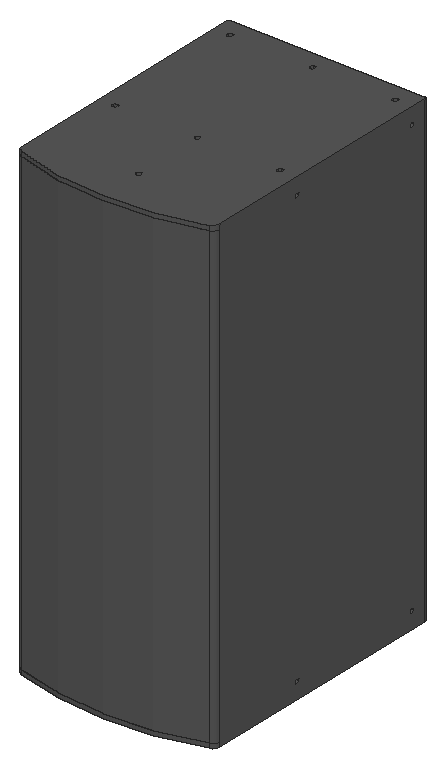
Revit family "1Electronics_Community_Biamp_Subwoofer_IS6-215WR", category Communication Devices, host Face, Revit 2020
Family settings
  Host = Face
  Maintain Annotation Orientation = No
  Round Connector Dimension = Use Diameter
  Part Type = Normal
  OmniClass Number = 23.85.10.11.14.14.14
  OmniClass Title = Loudspeakers
  Cut with Voids When Loaded = No
  Shared = No
  Room Calculation Point = No
Parameters (values of type "IS6-215WR B")
  Width = 16.50"  # constant formula
  Weight = 126.00 lbf  # constant formula
  URL = "https://www.biamp.com/"
  Transducers = "2 x 15 (381mm) double-treated cones with 4 (102mm) inner/outer wound voice coil, ferrite construction"  # constant formula
  Shipping Weight = 147.00 lbf  # constant formula
  Recommended Amplifiers = "Single Amp - 1400W - 2800W @ 4 ohms,  (75V - 106V); Dual Amp - 700W - 1400W @ 8 ohms,  (75V - 106V) (each driver)"  # constant formula
  Product data url = "https://bimobject.com/biamp/product/is6-215wr_community-subwoofer"
  Product Page URL = "https://www.biamp.com/products/product-families/community/community-subwoofers#is6-215wr"
  Product Documentation Link = "https://www.biamp.com/products/product-families/community/community-subwoofers#is6-215wr"
  Operating Range = "37 Hz to 145 Hz  "  # constant formula
  Operating Mode = "Single or Dual Amp"  # constant formula
  Operating Environment = "Weather-Resistant Outdoor "  # constant formula
  Nominal Sensitivity = "Half Space - 1W: 105 dB - 2.83V: 108 dB; Whole Space - 1W: 99 dB - 2.83V: 102 dB"  # constant formula
  Nominal Maximum SPL = "Half Space - Peak: 142 dB - Continuous: 136 dB; Whole Space - Peak: 136 dB - Continuous: 130 dB"  # constant formula
  Mounting Points = "(23) M10 threaded rigging points"  # constant formula
  Model = "IS6-215WR B"
  Manufacturer = "Biamp"  # constant formula
  Input Connection = "Screw terminal blocks (4-position)"  # constant formula
  Housing Material = Biamp - Plastic - Black
  Height = 39.00"  # constant formula
  Grill Material = Biamp - Plastic - Black(Grid)
  Equalized Sensitivity = "Half Space - 1W: 102 dB - 2.83V: 105 dB; Whole Space - 1W: 96 dB - 2.83V: 99 dB"  # constant formula
  Equalized Maximum SPL = "Half Space - Peak: 139 dB - Continuous: 133 dB; Whole Space - Peak: 133 dB - Continuous: 127 dB"  # constant formula
  Environmental = "Outdoor: IP55W per IEC 60529, MIL-STD-810G"  # constant formula
  Description = "IS6-215WR Medium Power Dual 15-Inch Weather-Resistant Subwoofer"  # constant formula
  Depth = 23.35"  # constant formula
  Default Elevation = 48.00"
  Continuous Power Handling  Nominal Impedance = "Single Amp - 75V, 1400W @ 4 ohms (5600W peak); Dual Amp - 75V, 700W @ 8 ohms (2800W peak) (each); "  # constant formula
Types (4): name | Model | Housing Material | Grill Material
  (no name) | "IS6-215WR B" | Biamp - Plastic - Black | Biamp - Plastic - Black(Grid)
  IS6-215WR B | "IS6-215WR B" | Biamp - Plastic - Black | Biamp - Plastic - Black(Grid)
  IS6-215WR W | "IS6-215WR W" | Biamp - Plastic - White | Biamp - Plastic - White(Grid)
  IS6-215WR G | "IS6-215WR G" | Biamp - Plastic - Gray | Biamp - Plastic - Gray(Grid)
Reference planes (in)
  plane 1 "Center (Front/Back)": y = 0
  plane 2: z = 0
  plane 3 "Center (Left/Right)": x = 0
  plane 4: y = 11.675
  plane 5: y = -11.675
  plane 6: x = -8.25
  plane 7: x = 8.25
  plane 8: z = 39
  plane 9: z = 19.5
  plane 10: x = -7.875
  plane 11: y = 11.3
  plane 12: y = 11.4875
  plane 13: z = 38.625
  plane 14: z = 0.375
  plane 15: x = 7.875
  plane 16: y = -9.875
Forms (in)
  Extrusion 1, void
    sketch origin (0, 0, 0) x (1, 0, 0) y (0, 1, 0)
      loop
        circle (0, 10.115) r 0.21654
      loop
        circle (-6.87, 10.115) r 0.21654
      loop
        circle (6.87, 10.115) r 0.21654
      loop
        circle (0, -1.855) r 0.21654
      loop
        circle (-6.87, -1.855) r 0.21654
      loop
        circle (6.87, -1.855) r 0.21654
      loop
        circle (0, -7.975) r 0.21654
    from 38.625 to 39
  Extrusion 2, void
    sketch origin (0, 0, 0) x (0, 1, 0) y (0, 0, 1)
      loop
        circle (10.115, 1.38) r 0.21654
      loop
        circle (10.115, 37.63) r 0.21654
      loop
        circle (-1.855, 1.38) r 0.21654
      loop
        circle (-1.855, 37.63) r 0.21654
    from 7.875 to 8.25
  Extrusion 3, void
    sketch origin (0, 0, 0) x (1, 0, 0) y (0, 0, 1)
      loop
        circle (0, 37.62) r 0.21654
      loop
        circle (0, 1.38) r 0.21654
      loop
        line (2.005, 13.38) -> (-2.005, 13.38)
        arc (-2.005, 13.38) -> (-2.09339, 13.34339) -> (-2.13, 13.255) r 0.125
        line (-2.13, 13.255) -> (-2.13, 6.445)
        arc (-2.13, 6.445) -> (-2.09339, 6.35661) -> (-2.005, 6.32) r 0.125
        line (-2.005, 6.32) -> (2.005, 6.32)
        arc (2.005, 6.32) -> (2.09339, 6.35661) -> (2.13, 6.445) r 0.125
        line (2.13, 6.445) -> (2.13, 13.255)
        arc (2.13, 13.255) -> (2.09339, 13.34339) -> (2.005, 13.38) r 0.125
    from -11.675 to -11.3
  Extrusion 4, solid, material "Biamp - Plastic - Black" <- "Housing Material", detail levels medium+fine
    sketch origin (0, 0, -2.8) x (1, 0, 0) y (0, 0, 1)
      loop
        line (-0.5, 15.18) -> (-0.5, 14.93) -> (0.5, 14.93) -> (0.5, 15.18) -> (-0.5, 15.18)
      loop
        line (-0.5, 14.18) -> (-0.5, 13.93) -> (0.5, 13.93) -> (0.5, 14.18) -> (-0.5, 14.18)
    from -11.4875 to -11.3
  Extrusion 5, void
    sketch origin (0, 0, -19.42578) x (0, -1, 0) y (1, 0, 0)
      loop
        circle (-10.115, -6.87) r 0.21654
      loop
        circle (-10.115, 0) r 0.21654
      loop
        circle (-10.115, 6.87) r 0.21654
      loop
        circle (1.855, -6.87) r 0.21654
      loop
        circle (1.855, 0) r 0.21654
      loop
        circle (1.855, 6.87) r 0.21654
      loop
        circle (7.975, 0) r 0.21654
    from 19.42578 to 19.80078
  Extrusion 6, solid, material "Biamp - Plastic - Black" <- "Housing Material", detail levels medium+fine
    sketch origin (0, 0, 0) x (1, 0, 0) y (0, 1, 0)
      loop
        arc (7.81389, -10.39566) -> (8.10524, -10.19672) -> (8.25, -9.875) r 0.65086
        line (8.25, -9.875) -> (8.25, 11.46673)
        arc (8.25, 11.46673) -> (8.189, 11.614) -> (8.04173, 11.675) r 0.20827
        line (8.04173, 11.675) -> (-8.09375, 11.675)
        arc (-8.09375, 11.675) -> (-8.20424, 11.62924) -> (-8.25, 11.51875) r 0.15625
        line (-8.25, 11.51875) -> (-8.25, -9.875)
        arc (-8.25, -9.875) -> (-8.10524, -10.19672) -> (-7.81389, -10.39566) r 0.65086
        arc (-7.81389, -10.39566) -> (0, -11.67523) -> (7.81389, -10.39566) r 24.49797
    from 0 to 39
  Extrusion 7, solid, material "Biamp - Plastic - Black" <- "Housing Material", detail levels coarse
    sketch origin (0, 0, 0) x (1, 0, 0) y (0, 1, 0)
      loop
        line (8.25, -9.875) -> (8.25, 11.46673)
        arc (8.25, 11.46673) -> (8.189, 11.614) -> (8.04173, 11.675) r 0.20827
        line (8.04173, 11.675) -> (-8.09375, 11.675)
        arc (-8.09375, 11.675) -> (-8.20424, 11.62924) -> (-8.25, 11.51875) r 0.15625
        line (-8.25, 11.51875) -> (-8.25, -9.875)
        arc (-8.25, -9.875) -> (-8.10524, -10.19672) -> (-7.81389, -10.39566) r 0.65086
        arc (-7.81389, -10.39566) -> (0, -11.67523) -> (7.81389, -10.39566) r 24.49797
        arc (7.81389, -10.39566) -> (8.10524, -10.19672) -> (8.25, -9.875) r 0.65086
    from 0 to 39
  Extrusion 8, solid, material "Biamp - Plastic - Black(Grid)" <- "Grill Material", detail levels medium+fine
    sketch origin (0, 0, 0) x (1, 0, 0) y (0, 1, 0)
      loop
        arc (7.81389, -10.39566) -> (8.10524, -10.19672) -> (8.25, -9.875) r 0.65086
        line (8.25, -9.875) -> (-8.25, -9.875)
        arc (-8.25, -9.875) -> (-8.10524, -10.19672) -> (-7.81389, -10.39566) r 0.65086
        arc (-7.81389, -10.39566) -> (0, -11.67523) -> (7.81389, -10.39566) r 24.49797
    from 0.375 to 38.625
  Extrusion 9, void
    sketch origin (0, 0, 0) x (1, 0, 0) y (0, 1, 0)
      loop
        line (-9.25, -9.875) -> (-9.25, -12.3237) -> (8.74035, -12.3237) -> (8.74035, -9.875) -> (-9.25, -9.875)
    from 0.375 to 38.625
  Extrusion 10, void
    sketch origin (0, 0, 0) x (0, 1, 0) y (0, 0, -1)
      loop
        circle (10.115, -1.38) r 0.21654
      loop
        circle (10.115, -37.63) r 0.21654
      loop
        circle (-1.855, -1.38) r 0.21654
      loop
        circle (-1.855, -37.63) r 0.21654
    from 7.875 to 8.25
Cuts and joins
  Extrusion 1, Extrusion 2, Extrusion 3, Extrusion 5, Extrusion 9, Extrusion 10 cuts Extrusion 6
  Extrusion 10 cuts Extrusion 7
Lines and regions (in)
  Masking region 1
    outline origin (0, 0, 0) x (1, 0, 0) y (0, 0, 1)
      loop
        line (-8.25006, 39) -> (-8.25006, 0) -> (8.25006, 0) -> (8.25006, 39) -> (-8.25006, 39)
  Masking region 2
    outline origin (0, 0, 0) x (0, 1, 0) y (0, 0, 1)
      loop
        line (-11.675, 39) -> (-11.675, 0) -> (11.675, 0) -> (11.675, 39) -> (-11.675, 39)
  Masking region 3
    outline origin (0, 0, 0) x (1, 0, 0) y (0, 1, 0)
      loop
        arc (7.81389, -10.39566) -> (8.10524, -10.19672) -> (8.25, -9.875) r 0.65086
        line (8.25, -9.875) -> (8.25, 11.46673)
        arc (8.25, 11.46673) -> (8.189, 11.614) -> (8.04173, 11.675) r 0.20827
        line (8.04173, 11.675) -> (-8.09375, 11.675)
        arc (-8.09375, 11.675) -> (-8.20424, 11.62924) -> (-8.25, 11.51875) r 0.15625
        line (-8.25, 11.51875) -> (-8.25, -9.875)
        arc (-8.25, -9.875) -> (-8.10524, -10.19672) -> (-7.81389, -10.39566) r 0.65086
        arc (-7.81389, -10.39566) -> (0, -11.67523) -> (7.81389, -10.39566) r 24.49797
  symbolic lines
    curve 1: arc (-6.65346, 10.115, 0) -> (-6.87, 9.89846, 0) -> (-7.08654, 10.115, 0) r 0.21654
    curve 2: arc (-7.08654, 10.115, 0) -> (-6.87, 10.33154, 0) -> (-6.65346, 10.115, 0) r 0.21654
    curve 3: arc (0.21654, 10.115, 0) -> (0, 9.89846, 0) -> (-0.21654, 10.115, 0) r 0.21654
    curve 4: arc (-0.21654, 10.115, 0) -> (0, 10.33154, 0) -> (0.21654, 10.115, 0) r 0.21654
    curve 5: arc (6.65346, 10.115, 0) -> (6.87, 9.89846, 0) -> (7.08654, 10.115, 0) r 0.21654
    curve 6: arc (7.08654, 10.115, 0) -> (6.87, 10.33154, 0) -> (6.65346, 10.115, 0) r 0.21654
    curve 7: arc (-6.65346, -1.855, 0) -> (-6.87, -2.07154, 0) -> (-7.08654, -1.855, 0) r 0.21654
    curve 8: arc (-7.08654, -1.855, 0) -> (-6.87, -1.63846, 0) -> (-6.65346, -1.855, 0) r 0.21654
    curve 9: arc (0.21654, -1.855, 0) -> (0, -2.07154, 0) -> (-0.21654, -1.855, 0) r 0.21654
    curve 10: arc (-0.21654, -1.855, 0) -> (0, -1.63846, 0) -> (0.21654, -1.855, 0) r 0.21654
    curve 11: arc (6.65346, -1.855, 0) -> (6.87, -2.07154, 0) -> (7.08654, -1.855, 0) r 0.21654
    curve 12: arc (7.08654, -1.855, 0) -> (6.87, -1.63846, 0) -> (6.65346, -1.855, 0) r 0.21654
    curve 13: arc (0.21654, -7.975, 0) -> (0, -8.19154, 0) -> (-0.21654, -7.975, 0) r 0.21654
    curve 14: arc (-0.21654, -7.975, 0) -> (0, -7.75846, 0) -> (0.21654, -7.975, 0) r 0.21654
Dimensions and locks (in)
  equal spacing: plane 5, plane 1 "Center (Front/Back)", plane 4
  "Depth": plane 4 to plane 5
  equal spacing: plane 6, plane 3 "Center (Left/Right)", plane 7
  "Width": plane 6 to plane 7
  "Height": plane 8 to plane 2
  equal spacing: plane 8, plane 9, plane 2
  plane 6 to plane 10 = 0.375"
  locked: plane 11 to plane 4 at 0.375
  equal spacing: plane 11, plane 12, plane 4
  locked: plane 8 to plane 13 at 0.375
  locked: plane 14 to plane 2 at 0.375
  locked: plane 15 to plane 7 at 0.375
  locked: plane 16 to plane 5 at 1.8
  aligned and locked: plane 2 to host face
  aligned and locked: level to host face
  aligned and locked: plane 8 to Extrusion 1
  aligned and locked: plane 7 to Extrusion 2
  aligned and locked: Extrusion 3 to plane 4
  aligned and locked: plane 8 to Extrusion 6
  aligned and locked: Extrusion 6 to plane 2
  aligned and locked: plane 11 to Extrusion 4
  aligned and locked: Extrusion 4 to plane 12
  aligned and locked: plane 15 to Extrusion 2
  aligned and locked: plane 8 to Extrusion 7
  aligned and locked: Extrusion 7 to plane 2
  aligned and locked: plane 13 to Extrusion 8
  aligned and locked: plane 14 to Extrusion 8
  aligned and locked: plane 13 to Extrusion 9
Automatic sketch dimensions
  host sketch curve to host sketch curve = 96.00"  (x2)
  Extrusion 4 sketch curve to plane 3 "Center (Left/Right)" = 0.50"  (x2)
  plane 3 "Center (Left/Right)" to Extrusion 4 sketch curve = 0.50"  (x2)
  Extrusion 4 sketch curve to plane 9 = 8.37"
  Extrusion 4 sketch curve to Extrusion 4 sketch curve = 0.25"  (x2)
  Extrusion 4 sketch curve to Extrusion 4 sketch curve = 0.75"
  curve 1 to curve 2 = 0.00"  (x2)
  curve 3 to curve 4 = 0.00"  (x2)
  curve 5 to curve 6 = 0.00"  (x2)
  curve 7 to curve 8 = 0.00"  (x2)
  curve 9 to curve 10 = 0.00"  (x2)
  curve 11 to curve 12 = 0.00"  (x2)
  curve 13 to curve 14 = 0.00"  (x2)
  curve 10 to plane 3 "Center (Left/Right)" = 0.00"
  curve 13 to plane 3 "Center (Left/Right)" = 0.00"
  curve 3 to plane 3 "Center (Left/Right)" = 0.00"
  plane 10 to curve 7 = 1.005"
  plane 10 to curve 1 = 1.005"
  plane 15 to curve 5 = 1.005"
  plane 15 to curve 11 = 1.005"
  plane 16 to curve 14 = 1.90"
  plane 1 "Center (Front/Back)" to curve 12 = 1.855"
  plane 1 "Center (Front/Back)" to curve 10 = 1.855"
  plane 1 "Center (Front/Back)" to curve 7 = 1.855"
  plane 11 to curve 6 = 1.185"
  plane 11 to curve 4 = 1.185"
  plane 11 to curve 2 = 1.185"
  curve 10 to curve 9 = 0.21654"
  curve 3 to curve 3 = 0.21654"
  curve 13 to curve 13 = 0.21654"
  curve 7 to curve 7 = 0.21654"
  curve 1 to curve 1 = 0.21654"
  curve 5 to curve 5 = 0.21654"
  curve 11 to curve 11 = 0.21654"
  Extrusion 1 sketch curve to plane 3 "Center (Left/Right)" = 0.00"  (x3)
  plane 10 to Extrusion 1 sketch curve = 1.005"  (x2)
  plane 15 to Extrusion 1 sketch curve = 1.005"  (x2)
  plane 16 to Extrusion 1 sketch curve = 1.90"
  plane 1 "Center (Front/Back)" to Extrusion 1 sketch curve = 1.855"  (x3)
  plane 11 to Extrusion 1 sketch curve = 1.185"  (x3)
  Extrusion 3 sketch curve to plane 3 "Center (Left/Right)" = 0.00"  (x2)
  Extrusion 3 sketch curve to plane 3 "Center (Left/Right)" = 2.005"  (x2)
  Extrusion 3 sketch curve to Extrusion 3 sketch curve = 0.125"  (x2)
  plane 3 "Center (Left/Right)" to Extrusion 3 sketch curve = 2.005"  (x2)
  Extrusion 3 sketch curve to plane 14 = 1.005"
  Extrusion 3 sketch curve to Extrusion 3 sketch curve = 4.94"
  Extrusion 3 sketch curve to plane 9 = 6.245"
  Extrusion 3 sketch curve to plane 13 = 1.005"
  Extrusion 5 sketch curve to Extrusion 5 sketch curve = 0.00"  (x14)
  Extrusion 5 sketch curve to plane 3 "Center (Left/Right)" = 0.00"  (x3)
  plane 11 to Extrusion 5 sketch curve = 1.185"  (x3)
  plane 1 "Center (Front/Back)" to Extrusion 5 sketch curve = 1.855"  (x3)
  plane 16 to Extrusion 5 sketch curve = 1.90"
  plane 10 to Extrusion 5 sketch curve = 1.005"  (x2)
  plane 15 to Extrusion 5 sketch curve = 1.005"  (x2)
  Extrusion 5 sketch curve to Extrusion 5 sketch curve = 0.21654"  (x7)
  Masking region 1 sketch curve to level = 0.00"
  Masking region 1 sketch curve to plane 8 = 0.00"
  Masking region 1 sketch curve to plane 6 = 0.00006"
  plane 7 to Masking region 1 sketch curve = 0.00006"
  Masking region 2 sketch curve to level = 0.00"
  Masking region 2 sketch curve to plane 5 = 0.00"
  Masking region 2 sketch curve to plane 4 = 0.00"
  Masking region 2 sketch curve to plane 8 = 0.00"
  Extrusion 9 sketch curve to plane 16 = 0.00"
  Extrusion 9 sketch curve to plane 6 = 1.00"
  plane 7 to Extrusion 9 sketch curve = 0.49035"
  Extrusion 9 sketch curve to plane 5 = 0.6487"
  plane 1 "Center (Front/Back)" to Extrusion 10 sketch curve = 1.855"  (x2)
  plane 11 to Extrusion 10 sketch curve = 1.185"  (x2)
  Extrusion 10 sketch curve to plane 13 = 0.995"  (x2)
  Extrusion 10 sketch curve to plane 14 = 1.005"  (x2)
  plane 1 "Center (Front/Back)" to Extrusion 2 sketch curve = 1.855"  (x2)
  plane 11 to Extrusion 2 sketch curve = 1.185"  (x2)
  Extrusion 2 sketch curve to plane 14 = 1.005"  (x2)
  Extrusion 2 sketch curve to plane 13 = 0.995"  (x2)
  Extrusion 7 sketch curve to plane 6 = 0.00"
  plane 4 to Extrusion 7 sketch curve = 0.00"
  Extrusion 7 sketch curve to plane 3 "Center (Left/Right)" = 0.00"
  Extrusion 7 sketch curve to plane 7 = 0.00"
  Extrusion 7 sketch curve to plane 16 = 0.00"  (x2)
  Extrusion 7 sketch curve to plane 12 = 0.03125"
  plane 16 to Extrusion 7 sketch curve = 0.09621"  (x2)
  plane 15 to Extrusion 7 sketch curve = 0.26871"
  plane 12 to Extrusion 7 sketch curve = 0.02077"
  Extrusion 7 sketch curve to Extrusion 7 sketch curve = 0.00"  (x2)
  plane 15 to Extrusion 7 sketch curve = 0.06111"
  Masking region 3 sketch curve to plane 6 = 0.00"
  plane 4 to Masking region 3 sketch curve = 0.00"
  Masking region 3 sketch curve to plane 3 "Center (Left/Right)" = 0.00"
  Masking region 3 sketch curve to plane 7 = 0.00"
  Masking region 3 sketch curve to plane 16 = 0.00"  (x2)
  plane 6 to Masking region 3 sketch curve = 0.15625"
  plane 16 to Masking region 3 sketch curve = 0.09621"  (x2)
  plane 10 to Masking region 3 sketch curve = 0.26871"
  plane 15 to Masking region 3 sketch curve = 0.26871"
  plane 12 to Masking region 3 sketch curve = 0.02077"
  Masking region 3 sketch curve to plane 4 = 1.14774"
  Masking region 3 sketch curve to Masking region 3 sketch curve = 0.00"
  Extrusion 6 sketch curve to plane 6 = 0.00"
  plane 4 to Extrusion 6 sketch curve = 0.00"
  Extrusion 6 sketch curve to plane 3 "Center (Left/Right)" = 0.00"
  Extrusion 6 sketch curve to plane 7 = 0.00"
  Extrusion 6 sketch curve to plane 16 = 0.00"  (x2)
  plane 6 to Extrusion 6 sketch curve = 0.15625"
  plane 16 to Extrusion 6 sketch curve = 0.09621"  (x2)
  plane 10 to Extrusion 6 sketch curve = 0.26871"
  plane 15 to Extrusion 6 sketch curve = 0.26871"
  plane 12 to Extrusion 6 sketch curve = 0.02077"
  Extrusion 6 sketch curve to plane 4 = 1.14774"
  Extrusion 6 sketch curve to Extrusion 6 sketch curve = 0.00"
  Extrusion 8 sketch curve to plane 6 = 0.00"
  Extrusion 8 sketch curve to plane 3 "Center (Left/Right)" = 0.00"
  Extrusion 8 sketch curve to plane 7 = 0.00"
  Extrusion 8 sketch curve to plane 16 = 0.00"
  plane 16 to Extrusion 8 sketch curve = 0.09621"  (x2)
  plane 10 to Extrusion 8 sketch curve = 0.26871"
  plane 15 to Extrusion 8 sketch curve = 0.26871"
  Extrusion 8 sketch curve to plane 4 = 1.14774"
  Extrusion 8 sketch curve to Extrusion 8 sketch curve = 0.00"
  radius of Extrusion 1 sketch curve = 0.21654"  (x7)
  radius of Extrusion 3 sketch curve = 0.21654"  (x2)
  radius of Extrusion 10 sketch curve = 0.21654"  (x4)
  radius of Extrusion 2 sketch curve = 0.21654"  (x4)
Connectors (in)
  electrical at (0.25, 11.4875, 12.25539)
    settings: on Extrusion 4, index 1, voltage 0 V, apparent load 0 VA, apparent load phase1 0 VA, apparent load phase2 0 VA, apparent load phase3 0 VA, power factor 1, load classification "Other", number of poles 1, system type 5, power factor state 1, is connector primary yes, connector utility no, sub classification motor no, connector description "Screw terminal blocks; LF 1"
  electrical at (0.25, 11.4875, 11.25539)
    settings: on Extrusion 4, index 2, voltage 0 V, apparent load 0 VA, apparent load phase1 0 VA, apparent load phase2 0 VA, apparent load phase3 0 VA, power factor 1, load classification "Other", number of poles 1, system type 5, power factor state 1, is connector primary no, connector utility no, sub classification motor no, connector description "Screw terminal blocks; LF 2"
  electrical at (-0.25, 11.4875, 12.25539)
    settings: on Extrusion 4, index 3, voltage 0 V, apparent load 0 VA, apparent load phase1 0 VA, apparent load phase2 0 VA, apparent load phase3 0 VA, power factor 1, load classification "Other", number of poles 1, system type 5, power factor state 1, is connector primary no, connector utility no, sub classification motor no, connector description "Screw terminal blocks; LF 1"
  electrical at (-0.25, 11.4875, 11.25539)
    settings: on Extrusion 4, index 4, voltage 0 V, apparent load 0 VA, apparent load phase1 0 VA, apparent load phase2 0 VA, apparent load phase3 0 VA, power factor 1, load classification "Other", number of poles 1, system type 5, power factor state 1, is connector primary no, connector utility no, sub classification motor no, connector description "Screw terminal blocks; LF 2"
